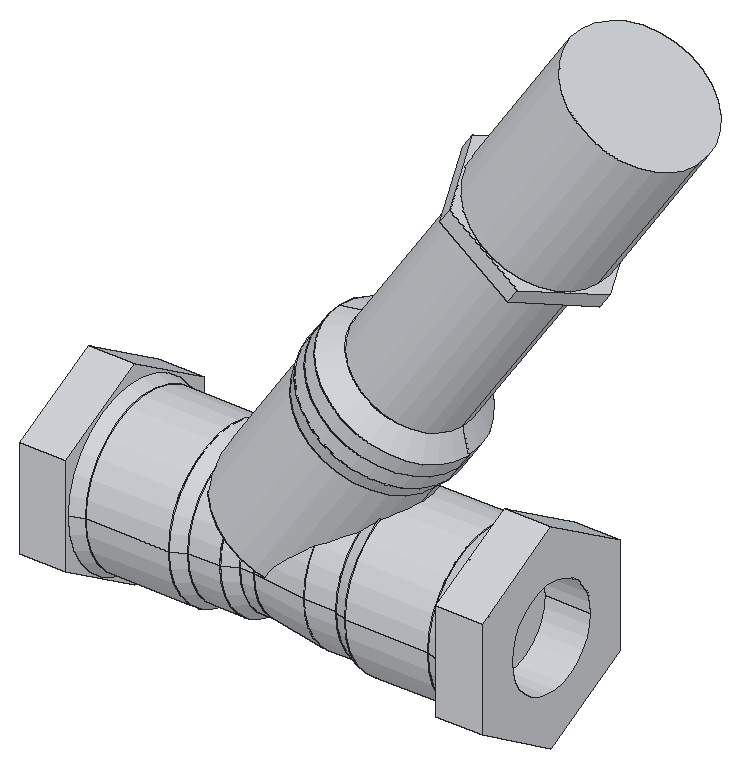
Revit family "DPRV_DN015_RFA_2019", category Pipe Accessories, Revit 2019
Family settings
  Round Connector Dimension = Use Diameter
  Part Type = Valve - Breaks Into
  Work Plane-Based = No
  Always vertical = Yes
  Cut with Voids When Loaded = No
  Shared = No
Parameters (values of type "DPRV-DN15")
  magiProductId = "0a1695ce379549c5bda4e9817c8a32"
  magiProductFamilyId = "2368235d042246b783f613dde97580"
  magiPartTypeId = 304
  isMeasuringValve [instance] = no
  ang2D [instance] = 0.00°
  Z1 = 26.012 mm
  Y6 = 12.75 mm
  Y5 = 11 mm
  Y3 = 12 mm
  Y15 = 10.71 mm
  Y14 = 12.6 mm
  Y12 = 9.1 mm
  Y11 = 11.9 mm
  Y10 = 11.2 mm
  Y0 = 9.9 mm
  XT0 = 8 mm
  X7 = 4.9 mm
  X6__ve = -X6  # -12.6 mm
  X6 = 12.6 mm
  X3 = 2.1 mm
  X1__ve = -X1  # -7 mm
  X1 = 7 mm
  X0 = 35 mm
  W2D = 15 mm
  VersionID = "2.0/2018.12.13.2/FRESE_DPRV_001"
  Use Minimum Symbol Size [instance] = no
  URL = "www.hydronix.cz"
  Type Comments = "závitový s vnitřním závitem; PN25; dpmax=600kPa; -20~+120°C"
  QmdConnectorList = "301;D;302;D"
  Productdata [instance] = ""
  Manufacturer = "Hydronix"
  MC Use Limits From Balancing Method = no
  MC Throttling Minimum Value = 0
  MC Throttling Maximum Value = 0
  MC Product Code = "48-0075; DN15 FF; nastavitelný rozsah 10-60kPa; kvs=3,5"
  MC Pressure Drop Minimum Value = 0.0 Pa
  MC Pressure Drop Maximum Value = 0.0 Pa
  MC Piping Given Pressure Drop [instance] = 0.0 Pa
  L3 = 15 mm
  L2D_Min = 30.48 mm
  L2D = 70 mm
  H6 = 31.012 mm
  H5 = 2.601 mm
  H2 = 21.677 mm
  Description = "Nastavitelný přepouštěcí ventil"
  DT2 = 7.5 mm
  D = 15 mm
  CenSd_Y14_6 = Y14 * cos(30.00°)  # 10.912 mm
  CenSd_L3_6 = L3 * cos(30.00°)  # 12.99 mm
  AA3 = 2.941 mm
  AA2 = 5.127 mm
Types (4, lengths in mm): name | magiProductId | Z1 | Y6 | Y5 | Y3 | Y15 | Y14 | Y12 | Y11 | Y10 | Y0 | X7 | X6__ve | X6 | X3 | X1__ve | X1 | X0 | MC Product Code | L3 | H6 | H5 | H2 | DT2 | D | CenSd_Y14_6 | CenSd_L3_6 | AA3 | AA2
  DPRV-DN15 | "0a1695ce379549c5bda4e9817c8a32" | 26.012 | 12.75 | 11 | 12 | 10.71 | 12.6 | 9.1 | 11.9 | 11.2 | 9.9 | 4.9 | -12.6 | 12.6 | 2.1 | -7 | 7 | 35 | "48-0075; DN15 FF; nastavitelný rozsah 10-60kPa; kvs=3,5" | 15 | 31.012 | 2.601 | 21.677 | 7.5 | 15 | 10.912 | 12.99 | 2.941 | 5.127
  DPRV-DN20 | "7bf90d6895024d90850a4e7c13d0c4" | 26.304 | 15.3 | 13.4 | 14.4 | 11.934 | 14.04 | 10.14 | 13.26 | 12.48 | 12.06 | 5.46 | -14.04 | 14.04 | 2.34 | -7.8 | 7.8 | 39 | "48-0076; DN20 FF; nastavitelný rozsah 10-60kPa; kvs=3,7" | 18 | 31.304 | 2.63 | 21.92 | 10 | 20 | 12.159 | 15.588 | 3.081 | 5.371
  DPRV-DN25 | "8f5d2c47d0804d84a9ee1a0f7163ce" | 28.345 | 19.55 | 17.4 | 18.4 | 13.311 | 15.66 | 11.31 | 14.79 | 13.92 | 15.66 | 6.09 | -15.66 | 15.66 | 2.61 | -8.7 | 8.7 | 43.5 | "48-0077; DN25 FF; nastavitelný rozsah 10-60kPa; kvs=8,3" | 23 | 33.345 | 2.835 | 23.621 | 12.5 | 25 | 13.562 | 19.919 | 3.991 | 6.958
  DPRV-DN32 | "4b273c145a0a4466be66f0b82dd13f" | 28.27 | 23.8 | 21.4 | 22.4 | 15.759 | 18.54 | 13.39 | 17.51 | 16.48 | 19.26 | 7.21 | -18.54 | 18.54 | 3.09 | -10.3 | 10.3 | 51.5 | "48-0078; DN32 FF; nastavitelný rozsah 10-60kPa; kvs=10,5" | 28 | 33.27 | 2.827 | 23.558 | 16 | 32 | 16.056 | 24.249 | 4.131 | 7.203
Reference planes
  plane 1 "Center (Front/Back)": y = 0
  plane 2 "XYPLANE": z = 0
  plane 3 "Center (Left/Right)": x = 0
  plane 4 "733": through (-616.051, 0, 427.773) normal (0.5736, 0, 0.8192)
  plane 5 "722": through (-614.364, 0, 430.182) normal (0.5736, 0, 0.8192)
  plane 6 "680": through (-595.963, 0, 456.462) normal (0.5736, 0, 0.8192)
  plane 7 "673": through (-576.683, 0, 483.997) normal (0.5736, 0, 0.8192)
  plane 8 "667": x = 6.3
  plane 9 "666": x = -2.1
  plane 10 "664": x = -4.2
  plane 11 "662": x = -6.3
  plane 12 "540": through (-598.947, 0, 452.201) normal (0.5736, 0, 0.8192)
  plane 13 "539": through (-578.175, 0, 481.866) normal (0.5736, 0, 0.8192)
  plane 14 "535": through (-597.455, 0, 454.331) normal (0.5736, 0, 0.8192)
  plane 15 "531": through (-600.439, 0, 450.07) normal (0.5736, 0, 0.8192)
  plane 16 "528": through (-601.931, 0, 447.939) normal (0.5736, 0, 0.8192)
  plane 17 "512": y = 0
  plane 18 "510": through (425.982, 0, 617.305) normal (0.8192, 0, -0.5736)
  plane 19 "369": x = 11.2
  plane 20 "367": x = 13.3
  plane 21 "366": x = 28
  plane 22 "365": x = 25.9
  plane 23 "354": x = -11.2
  plane 24 "54": x = -13.3
  plane 25 "49": x = -25.9
  plane 26 "18": x = -28
  plane 27 "8": x = 35
  plane 28 "7": x = -35
  plane 29 "3": z = 0
  plane 30 "2": y = 0
  plane 31 "507XY": through (-614.364, 0, 430.182) normal (0.5736, 0, 0.8192)
  plane 32 "507XZ": y = 0
  plane 33 "507YZ": through (430.182, 0, 614.364) normal (0.8192, 0, -0.5736)
Forms (mm)
  Extrusion 1, solid
    sketch origin (-576.683, 0, 483.997) x (0.819152, 0, -0.573576) y (0, 1, 0)
      loop
        circle (744.873, 0) r 10.71
    from 0 to 26.012 <- "Z1"
  Extrusion 2, solid
    sketch origin (-578.175, 0, 481.866) x (0.819152, 0, -0.573576) y (0, 1, 0)
      loop
        line (757.473, 0) -> (751.173, 10.912) -> (738.573, 10.912) -> (732.273, 0) -> (738.573, -10.912) -> (751.173, -10.912) -> (757.473, 0)
    from 0 to 2.601 <- "H5"
  Blend 3, solid
    base sketch origin (-597.455, 0, 454.331) x (0.819152, 0, -0.573576) y (0, 1, 0)
      loop
        circle (744.873, 0) r 11.9
    top sketch origin (-597.455, 0, 454.331) x (0.819152, 0, -0.573576) y (0, 1, 0)
      loop
        circle (744.873, 0) r 9.1
    from 0 to 2.601
  Blend 4, solid
    base sketch origin (-601.931, 0, 447.939) x (0.819152, 0, -0.573576) y (0, 1, 0)
      loop
        circle (744.873, 0) r 11.2
    top sketch origin (-601.931, 0, 447.939) x (0.819152, 0, -0.573576) y (0, 1, 0)
      loop
        circle (744.873, 0) r 11.9
    from 0 to 2.601
  Blend 5, solid
    base sketch origin (-2.1, -750, 0) x (0, 1, 0) y (0, 0, 1)
      loop
        circle (750, 0) r 9.9
    top sketch origin (-2.1, -750, 0) x (0, 1, 0) y (0, 0, 1)
      loop
        circle (750, 0) r 11
    from 0 to 8.4
  Extrusion 6, solid
    sketch origin (-4.2, -750, 0) x (0, 1, 0) y (0, 0, 1)
      loop
        circle (750, 0) r 9.9
    from 0 to 2.1 <- "X3"
  Blend 7, solid
    base sketch origin (-6.3, -750, 0) x (0, 1, 0) y (0, 0, 1)
      loop
        circle (750, 0) r 11
    top sketch origin (-6.3, -750, 0) x (0, 1, 0) y (0, 0, 1)
      loop
        circle (750, 0) r 9.9
    from 0 to 2.1
  Extrusion 8, solid
    sketch origin (6.3, -750, 0) x (0, 1, 0) y (0, 0, 1)
      loop
        circle (750, 0) r 11
    from 0 to 4.9 <- "X7"
  Blend 9, solid
    base sketch origin (-614.364, 0, 430.182) x (0.819152, 0, -0.573576) y (0, 1, 0)
      loop
        circle (744.873, 0) r 11.2
    top sketch origin (-614.364, 0, 430.182) x (0.819152, 0, -0.573576) y (0, 1, 0)
      loop
        circle (744.873, 0) r 8
    from 0 to -2.941
  Extrusion 10, solid
    sketch origin (-595.963, 0, 456.462) x (0.819152, 0, -0.573576) y (0, 1, 0)
      loop
        circle (744.873, 0) r 9.1
    from 0 to 31.012 <- "H6"
  Extrusion 11, solid
    sketch origin (-598.947, 0, 452.201) x (0.819152, 0, -0.573576) y (0, 1, 0)
      loop
        circle (744.873, 0) r 11.9
    from 0 to 2.601 <- "H5"
  Extrusion 12, solid
    sketch origin (-600.439, 0, 450.07) x (0.819152, 0, -0.573576) y (0, 1, 0)
      loop
        circle (744.873, 0) r 11.9
    from 0 to 2.601 <- "H5"
  Extrusion 13, solid
    sketch origin (-614.364, 0, 430.182) x (0.819152, 0, -0.573576) y (0, 1, 0)
      loop
        circle (744.873, 0) r 11.2
    from 0 to 21.677 <- "H2"
  Blend 14, solid
    base sketch origin (13.3, -750, 0) x (0, 1, 0) y (0, 0, 1)
      loop
        circle (750, 0) r 12
    top sketch origin (13.3, -750, 0) x (0, 1, 0) y (0, 0, 1)
      loop
        circle (750, 0) r 11
    from 0 to -2.1
  Extrusion 15, solid
    sketch origin (25.9, -750, 0) x (0, 1, 0) y (0, 0, 1)
      loop
        circle (750, 0) r 12
    from 0 to -12.6 <- "X6__ve"
  Extrusion 16, solid
    sketch origin (-11.2, -750, 0) x (0, 1, 0) y (0, 0, 1)
      loop
        circle (750, 0) r 11
    from 0 to 4.9 <- "X7"
  Extrusion 17, solid
    sketch origin (-25.9, -750, 0) x (0, 1, 0) y (0, 0, 1)
      loop
        circle (750, 0) r 12
    from 0 to 12.6 <- "X6"
  Blend 18, solid
    base sketch origin (-13.3, -750, 0) x (0, 1, 0) y (0, 0, 1)
      loop
        circle (750, 0) r 12
    top sketch origin (-13.3, -750, 0) x (0, 1, 0) y (0, 0, 1)
      loop
        circle (750, 0) r 11
    from 0 to 2.1
  Extrusion 19, solid
    sketch origin (-35, -750, 0) x (0, 1, 0) y (0, 0, 1)
      loop
        line (750, 15) -> (737.01, 7.5) -> (737.01, -7.5) -> (750, -15) -> (762.99, -7.5) -> (762.99, 7.5) -> (750, 15)
      loop
        circle (750, 0) r 7.5
    from 0 to 7 <- "X1"
  Blend 20, solid
    base sketch origin (28, -750, 0) x (0, 1, 0) y (0, 0, 1)
      loop
        circle (750, 0) r 12.75
    top sketch origin (28, -750, 0) x (0, 1, 0) y (0, 0, 1)
      loop
        circle (750, 0) r 12
    from 0 to -2.1
  Extrusion 21, solid
    sketch origin (35, -750, 0) x (0, 1, 0) y (0, 0, 1)
      loop
        line (750, 15) -> (737.01, 7.5) -> (737.01, -7.5) -> (750, -15) -> (762.99, -7.5) -> (762.99, 7.5) -> (750, 15)
      loop
        circle (750, 0) r 7.5
    from 0 to -7 <- "X1__ve"
  Blend 22, solid
    base sketch origin (-28, -750, 0) x (0, 1, 0) y (0, 0, 1)
      loop
        circle (750, 0) r 12.75
    top sketch origin (-28, -750, 0) x (0, 1, 0) y (0, 0, 1)
      loop
        circle (750, 0) r 12
    from 0 to 2.1
  Extrusion 23, solid, not visible
    sketch origin (35, -750, 0) x (0, 1, 0) y (0, 0, 1)
      loop
        circle (750, 0) r 10
    from 0 to -10
  Extrusion 24, solid, not visible
    sketch origin (-35, -750, 0) x (0, 1, 0) y (0, 0, 1)
      loop
        circle (750, 0) r 10
    from 0 to 10
Lines and regions (mm)
  reference lines, not visible
    curve 1: circle (2, 2, 0) r 1 normal (0, 0, 1)
  reference lines
    curve 2: line (31.989, 0, 54.625) -> (29.409, 5.456, 56.431)
    curve 3: line (31.989, 0, 54.625) -> (26.829, 0, 58.238)
    curve 4: line (31.989, 0, 54.625) -> (29.409, -5.456, 56.431)
    curve 5: line (-35, 0, 0) -> (-35, -6.495, -3.75)
    curve 6: line (-35, 0, 0) -> (-35, 0, -7.5)
    curve 7: line (-35, 0, 0) -> (-35, 6.495, -3.75)
    curve 8: line (35, 0, 0) -> (35, -6.495, -3.75)
    curve 9: line (35, 0, 0) -> (35, 0, -7.5)
    curve 10: line (35, 0, 0) -> (35, 6.495, -3.75)
Dimensions and locks
  plane 1 "Center (Front/Back)" to curve 1 = 2 mm
  "AA3": plane 31 "507XY" to plane 4 "733"
  locked: plane 31 "507XY" to plane 5 "722"
  "H5": plane 14 "535" to plane 6 "680"
  "H5": plane 13 "539" to plane 7 "673"
  "X7": plane 19 "369" to plane 8 "667"
  "X3": plane 10 "664" to plane 9 "666"
  "X3": plane 11 "662" to plane 10 "664"
  "X7": plane 23 "354" to plane 11 "662"
  "H5": plane 15 "531" to plane 12 "540"
  "H6": plane 6 "680" to plane 13 "539"
  "H5": plane 12 "540" to plane 14 "535"
  "H5": plane 16 "528" to plane 15 "531"
  "H2": plane 31 "507XY" to plane 16 "528"
  locked: plane 32 "507XZ" to plane 17 "512"
  "AA2": plane 33 "507YZ" to plane 18 "510"
  "X3": plane 20 "367" to plane 19 "369"
  "X6": plane 22 "365" to plane 20 "367"
  "X1": plane 27 "8" to plane 21 "366"
  "X3": plane 21 "366" to plane 22 "365"
  "X3": plane 24 "54" to plane 23 "354"
  "X6": plane 25 "49" to plane 24 "54"
  "X3": plane 26 "18" to plane 25 "49"
  "X1": plane 28 "7" to plane 26 "18"
  "X0": plane 3 "Center (Left/Right)" to plane 27 "8"
  "X0": plane 3 "Center (Left/Right)" to plane 28 "7"
  locked: plane 2 "XYPLANE" to plane 29 "3"
  locked: plane 1 "Center (Front/Back)" to plane 30 "2"
  "CenSd_Y14_6": curve 2 to Extrusion 2 sketch curve  (x2)
  "CenSd_Y14_6": curve 3 to Extrusion 2 sketch curve  (x2)
  "CenSd_Y14_6": curve 4 to Extrusion 2 sketch curve  (x2)
  Extrusion 2 sketch curve to Extrusion 2 sketch curve = 0 mm  (x12)
  "CenSd_L3_6": curve 5 to Extrusion 19 sketch curve  (x2)
  "CenSd_L3_6": curve 6 to Extrusion 19 sketch curve  (x2)
  "CenSd_L3_6": curve 7 to Extrusion 19 sketch curve  (x2)
  Extrusion 19 sketch curve to Extrusion 19 sketch curve = 0 mm  (x12)
  "CenSd_L3_6": curve 8 to Extrusion 21 sketch curve  (x2)
  "CenSd_L3_6": curve 9 to Extrusion 21 sketch curve  (x2)
  "CenSd_L3_6": curve 10 to Extrusion 21 sketch curve  (x2)
  Extrusion 21 sketch curve to Extrusion 21 sketch curve = 0 mm  (x12)
  "Y15": radius of Extrusion 1 sketch curve
  "Y12": radius of Blend 3 sketch curve
  "Y11": radius of Blend 3 sketch curve
  "Y11": radius of Blend 4 sketch curve
  "Y10": radius of Blend 4 sketch curve
  "Y5": radius of Blend 5 sketch curve
  "Y0": radius of Blend 5 sketch curve
  "Y0": radius of Extrusion 6 sketch curve
  "Y0": radius of Blend 7 sketch curve
  "Y5": radius of Blend 7 sketch curve
  "Y5": radius of Extrusion 8 sketch curve
  "XT0": radius of Blend 9 sketch curve
  "Y10": radius of Blend 9 sketch curve
  "Y12": radius of Extrusion 10 sketch curve
  "Y11": radius of Extrusion 11 sketch curve
  "Y11": radius of Extrusion 12 sketch curve
  "Y10": radius of Extrusion 13 sketch curve
  "Y5": radius of Blend 14 sketch curve
  "Y3": radius of Blend 14 sketch curve
  "Y3": radius of Extrusion 15 sketch curve
  "Y5": radius of Extrusion 16 sketch curve
  "Y3": radius of Extrusion 17 sketch curve
  "Y5": radius of Blend 18 sketch curve
  "Y3": radius of Blend 18 sketch curve
  "DT2": radius of Extrusion 19 sketch curve
  "Y3": radius of Blend 20 sketch curve
  "Y6": radius of Blend 20 sketch curve
  "DT2": radius of Extrusion 21 sketch curve
  "Y3": radius of Blend 22 sketch curve
  "Y6": radius of Blend 22 sketch curve
  locked: curve 3 to curve 2 (angle 60.00°)
  locked: curve 4 to curve 3 (angle 60.00°)
  locked: curve 4 to curve 2 (angle 120.00°)
  locked: curve 6 to curve 5 (angle 60.00°)
  locked: curve 7 to curve 6 (angle 60.00°)
  locked: curve 7 to curve 5 (angle 120.00°)
  locked: curve 9 to curve 8 (angle 60.00°)
  locked: curve 10 to curve 9 (angle 60.00°)
  locked: curve 10 to curve 8 (angle 120.00°)
  aligned and locked: level to plane 2 "XYPLANE"
  aligned and locked: plane 17 "512" to Extrusion 1 sketch curve
  aligned and locked: Extrusion 1 sketch curve to plane 18 "510"
  aligned and locked: curve 2 to plane 18 "510"
  aligned and locked: plane 17 "512" to curve 3
  aligned and locked: plane 17 "512" to Blend 3 sketch curve  (x2)
  aligned and locked: Blend 3 sketch curve to plane 18 "510"  (x2)
  aligned and locked: plane 6 "680" to Blend 3
  aligned and locked: plane 17 "512" to Blend 4 sketch curve  (x2)
  aligned and locked: Blend 4 sketch curve to plane 18 "510"  (x2)
  aligned and locked: plane 15 "531" to Blend 4
  aligned and locked: plane 29 "3" to Blend 5 sketch curve  (x2)
  aligned and locked: Blend 5 sketch curve to plane 30 "2"  (x2)
  aligned and locked: plane 8 "667" to Blend 5
  aligned and locked: plane 29 "3" to Extrusion 6 sketch curve
  aligned and locked: Extrusion 6 sketch curve to plane 30 "2"
  aligned and locked: plane 29 "3" to Blend 7 sketch curve  (x2)
  aligned and locked: Blend 7 sketch curve to plane 30 "2"  (x2)
  aligned and locked: plane 10 "664" to Blend 7
  aligned and locked: plane 29 "3" to Extrusion 8 sketch curve
  aligned and locked: Extrusion 8 sketch curve to plane 30 "2"
  aligned and locked: plane 17 "512" to Blend 9 sketch curve  (x2)
  aligned and locked: Blend 9 sketch curve to plane 18 "510"  (x2)
  aligned and locked: Blend 9 to plane 4 "733"
  aligned and locked: plane 17 "512" to Extrusion 10 sketch curve
  aligned and locked: Extrusion 10 sketch curve to plane 18 "510"
  aligned and locked: plane 17 "512" to Extrusion 11 sketch curve
  aligned and locked: Extrusion 11 sketch curve to plane 18 "510"
  aligned and locked: plane 17 "512" to Extrusion 12 sketch curve
  aligned and locked: Extrusion 12 sketch curve to plane 18 "510"
  aligned and locked: plane 17 "512" to Extrusion 13 sketch curve
  aligned and locked: Extrusion 13 sketch curve to plane 18 "510"
  aligned and locked: plane 29 "3" to Blend 14 sketch curve  (x2)
  aligned and locked: Blend 14 sketch curve to plane 30 "2"  (x2)
  aligned and locked: Blend 14 to plane 19 "369"
  aligned and locked: plane 29 "3" to Extrusion 15 sketch curve
  aligned and locked: Extrusion 15 sketch curve to plane 30 "2"
  aligned and locked: plane 29 "3" to Extrusion 16 sketch curve
  aligned and locked: Extrusion 16 sketch curve to plane 30 "2"
  aligned and locked: plane 29 "3" to Extrusion 17 sketch curve
  aligned and locked: Extrusion 17 sketch curve to plane 30 "2"
  aligned and locked: plane 29 "3" to Blend 18 sketch curve  (x2)
  aligned and locked: Blend 18 sketch curve to plane 30 "2"  (x2)
  aligned and locked: plane 23 "354" to Blend 18
  aligned and locked: plane 29 "3" to curve 7
  aligned and locked: curve 7 to plane 30 "2"
  aligned and locked: plane 29 "3" to Extrusion 19 sketch curve
  aligned and locked: Extrusion 19 sketch curve to plane 30 "2"
  aligned and locked: plane 29 "3" to Blend 20 sketch curve  (x2)
  aligned and locked: Blend 20 sketch curve to plane 30 "2"  (x2)
  aligned and locked: Blend 20 to plane 22 "365"
  aligned and locked: plane 29 "3" to curve 10
  aligned and locked: curve 10 to plane 30 "2"
  aligned and locked: plane 29 "3" to Extrusion 21 sketch curve
  aligned and locked: Extrusion 21 sketch curve to plane 30 "2"
  aligned and locked: plane 29 "3" to Blend 22 sketch curve  (x2)
  aligned and locked: Blend 22 sketch curve to plane 30 "2"  (x2)
  aligned and locked: plane 25 "49" to Blend 22
  aligned and locked: plane 29 "3" to Extrusion 23 sketch curve
  aligned and locked: Extrusion 23 sketch curve to plane 30 "2"
  aligned and locked: plane 29 "3" to Extrusion 24 sketch curve
  aligned and locked: Extrusion 24 sketch curve to plane 30 "2"
Automatic sketch dimensions
  plane 1 "Center (Front/Back)" to Extrusion 23 sketch curve = 10 mm
  plane 1 "Center (Front/Back)" to Extrusion 24 sketch curve = 10 mm
  plane 3 "Center (Left/Right)" to curve 1 = 2 mm
  radius of curve 1 = 1 mm
Connectors
  piping at (-35, 0, 0), diameter 15, driven by "D"
    settings: on Extrusion 24, index 1, connector inside diameter 609.6 mm, connector length 0 mm, flow factor 0, pipe flow 0.0 L/s, pressure drop 0.0 Pa, fitting loss kfactor 0, connector angle 0.00°, fixture units 0, engagement length 0 mm, angle of deflection 0.00°, flow configuration 0, flow direction 0, fitting loss method 0, system type 29, joint type 0, gender type 0, connector reference index 2, connector utility 0, adjustable connector no, is connector primary yes, connector description ""
  piping at (35, 0, 0), diameter 15, driven by "D"
    settings: on Extrusion 23, index 2, connector inside diameter 609.6 mm, connector length 0 mm, flow factor 0, pipe flow 0.0 L/s, pressure drop 0.0 Pa, fitting loss kfactor 0, connector angle 0.00°, fixture units 0, engagement length 0 mm, angle of deflection 0.00°, flow configuration 0, flow direction 0, fitting loss method 0, system type 29, joint type 0, gender type 0, connector reference index 1, connector utility 0, adjustable connector no, is connector primary no, connector description ""
